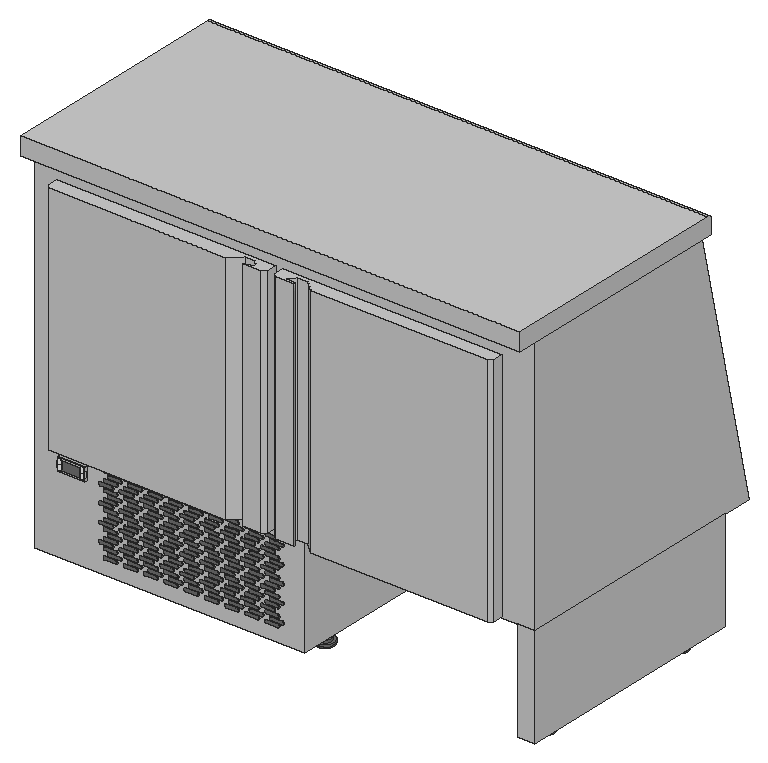
Revit family "QF_INFRICO_VC1400_250815094036", category Specialty Equipment, Revit 2021
Family settings
  Round Connector Dimension = Use Diameter
  Part Type = Normal
  OmniClass Number = 23.40.40.14
  OmniClass Title = Food Service Equipment
  Work Plane-Based = No
  Always vertical = Yes
  Cut with Voids When Loaded = No
  Shared = No
  Room Calculation Point = No
Parameters (values of type "VC1400")
  Weight [instance] = 156.00 kg
  Waste Water Discharge Temperature [instance] = 0 °C
  Waste Remarks [instance] = ""
  Warranty Start Date [instance] = ""
  Warranty Duration [instance] = ""
  Volts [instance] = 230 V
  Volt Free Conn [instance] = no
  URL Recommended Spares List [instance] = ""
  URL Manufacturer [instance] = ""
  URL Cutsheet [instance] = ""
  URL Critical Spares List [instance] = ""
  URL = "www.infrico.com"
  Technical Documentation [instance] = ""
  Tag Number [instance] = ""
  Status [instance] = ""
  Start Up Current [instance] = 0 A
  Specification by User [instance] = ""
  Specification by Manufacturer [instance] = ""
  Sound Level [instance] = ""
  Show Logo [instance] = yes
  Show Clearances [instance] = yes
  Service Life Duration [instance] = ""
  Serial Number [instance] = ""
  Seismic Rating [instance] = ""
  SMACNA No [instance] = ""
  Revision Code [instance] = ""
  Revision [instance] = ""
  Production Year [instance] = ""
  Potential Equalisation [instance] = no
  Point Load [instance] = 0
  Plumbing Connection Type [instance] = ""
  Phase [instance] = 1
  Other Equipment Approvals [instance] = ""
  Operational Current [instance] = 0 A
  Number of Poles [instance] = 2
  No Load Power Draw [instance] = no
  NAFEM Spec ID Number [instance] = ""
  Model Warning [instance] = ""
  Model = "VC1400"
  Min Ckt Ampacity [instance] = 0 A
  Max Overcurrent Protection [instance] = 0 A
  Masterspec [instance] = ""
  Manufacturer = "INFRICO"
  Main switch integrated [instance] = no
  Length Actual [instance] = 1384 mm
  Item Number [instance] = ""
  Installed By [instance] = ""
  Installation Date [instance] = ""
  Indirect Waste Size [instance] = 19.05 mm
  Indirect Waste Remarks [instance] = ""
  Indirect Waste Flow [instance] = 0.0 L/s
  Indirect Waste Connection Type [instance] = ""
  Indirect Waste Connection Height [instance] = 0 mm
  Identify Quantity as Lot [instance] = no
  ID [instance] = ""
  Hygiene Approval [instance] = ""
  Height Actual [instance] = 1060 mm
  HP power [instance] = ""
  Furnished By [instance] = ""
  Foodservice Equipment Identifier [instance] = no
  FL Amps [instance] = 0 A
  Electrical Remarks [instance] = ""
  Electric power [instance] = 600 W
  Electric Connection Type [instance] = ""
  Elec Conn RI Height [instance] = 0 mm
  Elec Conn Connection Height [instance] = 0 mm
  ETL Approved [instance] = no
  Direct Waste Water Discharge Temperature [instance] = -273.15 °C
  Direct Waste Size [instance] = 19.05 mm
  Direct Waste RI Height [instance] = 0 mm
  Direct Waste Flow [instance] = 0.0 L/s
  Direct Waste Connection Height [instance] = 0 mm
  Description = "3/4 VISION COUNTER CASE - TWO DOORS - R134A"
  Depth Actual [instance] = 800 mm
  Default Elevation = 0 mm
  Cycle [instance] = 50 Hz
  Cost = 0
  Connection to energy optimisation system [instance] = yes
  Conn Plug [instance] = ""
  Conn Conduit [instance] = no
  Centralized building control system with digital interface [instance] = ""
  CSI MasterFormat [instance] = ""
  CE Approved [instance] = no
  Barcode [instance] = 0
  Author [instance] = ""
  Asset Identifier [instance] = ""
  Apparent Power [instance] = 600 VA
  Accessory [instance] = no
Reference planes
  plane 1 "Center (Front/Back)": y = 0
  plane 2: z = 0
  plane 3 "Center (Left/Right)": x = 0
Forms (mm)
  Extrusion 1, solid, not visible
    sketch origin (1236.56, -700.034, 298.015) x (1, 0, 0) y (0, 1, 0)
      loop
        line (-2, 2) -> (-2, -2) -> (2, -2) -> (2, 2) -> (-2, 2)
    from -2 to 2
  Extrusion 2, solid, not visible
    sketch origin (105.005, -742.036, 55.003) x (1, 0, 0) y (0, 1, 0)
      loop
        line (-2, 2) -> (-2, -2) -> (2, -2) -> (2, 2) -> (-2, 2)
    from -2 to 2
Dimensions and locks
  locked: nested 2 to Extrusion 1 at 2  (x2)
  locked: nested 3 to Extrusion 2 at 4
  locked: nested 3 to Extrusion 2 at 2
  aligned and locked: level to plane 2
Nested families
  nested 1: "QF_INFRICO_VC1400_2920" at (0, 0, 0), type "VC1400"
    with Weight 156.00 kg, Warranty Start Date "", Warranty Duration "", URL Cutsheet "", Technical Documentation "", Tag Number "", Status "", Specification by User "", Specification by Manufacturer "", Sound Level "", Solid Fuel Type "", Show Logo yes, Show Clearances yes, Show Clearance yes, Service Life Duration "", Serial Number "", Seismic Rating "", SMACNA No "", Revision Code "", Revision "", Production Year "", Point Load 0, Other Equipment Approvals "", NAFEM Spec ID Number "", Model Warning "", Masterspec "", Length Actual 1384 mm, Item Number "", Installed By "", Installation Date "", Identify Quantity as Lot yes, ID "", Hygiene Approval "", Height Actual 1060 mm, Furnished By "", Foodservice Equipment Identifier yes, Finish none, ETL Approved yes, Depth Actual 800 mm, CSI MasterFormat "", CE Approved no, Barcode "", Author "", Asset Identifier "", Accessory no
  nested 2: "CONN_POINT_DRAIN_2D___Generic_Annotation" at (1236.56, -700.034, 296.014), type "CONN_POINT_DRAIN_2D___Generic_Annotation"
    with Onboard connection annotation symbol visibility yes
  nested 3: "CONN_POINT_ELE_2D___Generic_Annotation" at (105.005, -744.036, 55.003), type "CONN_POINT_ELE_2D___Generic_Annotation"
    with Onboard connection annotation symbol visibility yes
Connectors
  piping at (1236.56, -700.034, 296.014), diameter 19.05, driven by "Indirect Waste Size", driven by "Direct Waste Flow"
    settings: on Extrusion 1, index 1, connector inside diameter 609.6 mm, connector length 0 mm, flow factor 0, pipe flow 0.0 L/s, pressure drop 0.0 Pa, fitting loss kfactor 0, connector angle 0.00°, fixture units 0, engagement length 0 mm, angle of deflection 0.00°, flow configuration 1, flow direction 2, fitting loss method 0, system type 16, joint type 0, gender type 0, connector reference index -1, connector utility 0, adjustable connector no, is connector primary yes, connector description "Waste connection for VC1400"
  electrical at (105.005, -744.036, 55.003), driven by "Apparent Power", driven by "Number of Poles", driven by "Volts"
    settings: on Extrusion 2, index 2, voltage 230 V, apparent load 0 VA, apparent load phase1 600 VA, apparent load phase2 0 VA, apparent load phase3 0 VA, power factor 1, load classification "Other", number of poles 2, system type 31, power factor state 1, is connector primary yes, connector utility no, sub classification motor no, connector description "Electrical connection for VC1400"
Definition of nested family "QF_INFRICO_VC1400_2920"
  Parameters (values of type "VC1400")
    Weight [instance] = 0.00 kg
    Warranty Start Date [instance] = ""
    Warranty Duration [instance] = ""
    URL Cutsheet [instance] = ""
    URL = "www.jestic.co.uk"
    Technical Documentation [instance] = ""
    Tag Number [instance] = ""
    Status [instance] = ""
    Specification by User [instance] = ""
    Specification by Manufacturer [instance] = ""
    Sound Level [instance] = ""
    Solid Fuel Type [instance] = ""
    Show Logo [instance] = yes
    Show Clearances [instance] = yes
    Show Clearance [instance] = yes
    Service Life Duration [instance] = ""
    Serial Number [instance] = ""
    Seismic Rating [instance] = ""
    SMACNA No [instance] = ""
    Revision Code [instance] = ""
    Revision [instance] = ""
    Production Year [instance] = ""
    Point Load [instance] = 0
    Other Equipment Approvals [instance] = ""
    NAFEM Spec ID Number [instance] = ""
    Model Warning [instance] = ""
    Model = "VC1400"
    Masterspec [instance] = ""
    Manufacturer = "INFRICO"
    Length Actual [instance] = 0 mm
    Item Number [instance] = ""
    Installed By [instance] = ""
    Installation Date [instance] = ""
    Identify Quantity as Lot [instance] = yes
    ID [instance] = ""
    Hygiene Approval [instance] = ""
    Height Actual [instance] = 0 mm
    Furnished By [instance] = ""
    Foodservice Equipment Identifier [instance] = yes
    Finish [instance] = none
    ETL Approved [instance] = yes
    Description = "3/4 VISION COUNTER CASE - TWO DOORS - R134A"
    Depth Actual [instance] = 0 mm
    Default Elevation = 0 mm
    CSI MasterFormat [instance] = ""
    CE Approved [instance] = yes
    Barcode [instance] = ""
    Author [instance] = ""
    Asset Identifier [instance] = ""
    Assembly Code = "E1090320"
    Accessory [instance] = yes
  Reference planes
    plane 1 "Back": y = 0
    plane 2: z = 0
    plane 3 "Left": x = 0
    plane 4 "Right": x = 1384
    plane 5 "Front": y = -800
    plane 6 "Top": z = 1060
  Forms (mm)
    Extrusion 1, solid
      sketch origin (0, 0, 86) x (0, 1, 0) y (0, 0, 1)
        loop
          line (-744, 924) -> (-744, 210) -> (-4, 210) -> (-164.901, 924) -> (-744, 924)
      from 0 to 25
    Extrusion 2, solid
      sketch origin (1359, 0, 86) x (0, 1, 0) y (0, 0, 1)
        loop
          line (-744, 924) -> (-744, 210) -> (-4, 210) -> (-164.901, 924) -> (-744, 924)
      from 0 to 25
    Extrusion 3, solid
      sketch origin (0, 6, 90) x (0, 1, 0) y (0, 0, 1)
        loop
          line (-800, 920) -> (-140, 920) -> (-140, 960)
          arc (-140, 960) -> (-142.929, 967.071) -> (-150, 970) r 10
          line (-150, 970) -> (-800, 970) -> (-800, 920)
      from 0 to 1384
    Extrusion 4, solid
      sketch origin (0, 0, -4) x (0, 1, 0) y (0, 0, 1)
        loop
          line (-744, 300) -> (-744, 20) -> (-84, 20) -> (-84, 300) -> (-744, 300)
      from 0 to 25
    Extrusion 5, solid
      sketch origin (1359, 0, -4) x (0, 1, 0) y (0, 0, 1)
        loop
          line (-744, 300) -> (-744, 20) -> (-84, 20) -> (-84, 300) -> (-744, 300)
      from 0 to 25
    Extrusion 6, solid
      sketch origin (0, 0, 0) x (0, 1, 0) y (0, 0, 1)
        loop
          line (-94, 296) -> (-144, 296) -> (-144, 16) -> (-94, 16) -> (-94, 26) -> (-104, 36) -> (-104, 276) -> (-94, 286) -> (-94, 296)
      from 25 to 1359
    Extrusion 7, solid
      sketch origin (25, 0, 86) x (0, 1, 0) y (0, 0, 1)
        loop
          line (-744, 924) -> (-744, 210) -> (-54, 210) -> (-214.901, 924) -> (-744, 924)
      from 0 to 30
    Extrusion 8, solid
      sketch origin (1329, 0, 86) x (0, 1, 0) y (0, 0, 1)
        loop
          line (-744, 924) -> (-744, 210) -> (-54, 210) -> (-214.901, 924) -> (-744, 924)
      from 0 to 30
    Extrusion 9, solid
      sketch origin (0, -0.901, 4) x (0, 1, 0) y (0, 0, 1)
        loop
          line (-214, 1006) -> (-743.099, 1006) -> (-743.099, 964) -> (-204.535, 964) -> (-214, 1006)
      from 55 to 1329
    Extrusion 10, solid
      sketch origin (0, 0, -668) x (0, 1, 0) y (0, 0, 1)
        loop
          line (-63.465, 1006) -> (-744, 1006) -> (-744, 964) -> (-54, 964) -> (-63.465, 1006)
      from 55 to 1329
    Extrusion 11, solid
      sketch origin (0, 25.281, 103.397) x (1, 0, 0) y (0, -0.219839, 0.975536)
        loop
          line (44, 908.837) -> (44, 238.837) -> (1340, 238.837) -> (1340, 908.837) -> (44, 908.837)
        loop
          line (92, 860.837) -> (92, 286.837) -> (1292, 286.837) -> (1292, 860.837) -> (92, 860.837)
      from 0 to 35
    Extrusion 12, solid
      sketch origin (0, 0, 0) x (0, 1, 0) y (0, 0, 1)
        loop
          line (-163.964, 943.174) -> (-189.328, 937.458) -> (-63.141, 377.501) -> (-37.777, 383.217) -> (-163.964, 943.174)
      from 92 to 1292
    Revolve 13, solid
      sketch origin (35, -659, 0) x (0, 1, 0) y (0, 0, 1)
        loop
          line (0, 0) -> (20, 0)
          arc (20, 0) -> (23.536, 1.464) -> (25, 5) r 5
          line (25, 5) -> (25, 10) -> (15, 10) -> (15, 15) -> (7, 15) -> (7, 16) -> (0, 16) -> (0, 0)
        axis (0, 0) -> (0, 16)
      angle from 0 to 360
    Revolve 14, solid
      sketch origin (1349, -659, 0) x (0, 1, 0) y (0, 0, 1)
        loop
          line (0, 0) -> (20, 0)
          arc (20, 0) -> (23.536, 1.464) -> (25, 5) r 5
          line (25, 5) -> (25, 10) -> (15, 10) -> (15, 15) -> (7, 15) -> (7, 16) -> (0, 16) -> (0, 0)
        axis (0, 0) -> (0, 16)
      angle from 0 to 360
    Revolve 15, solid
      sketch origin (35, -199, 0) x (0, 1, 0) y (0, 0, 1)
        loop
          line (0, 0) -> (20, 0)
          arc (20, 0) -> (23.536, 1.464) -> (25, 5) r 5
          line (25, 5) -> (25, 10) -> (15, 10) -> (15, 15) -> (7, 15) -> (7, 16) -> (0, 16) -> (0, 0)
        axis (0, 0) -> (0, 16)
      angle from 0 to 360
    Revolve 16, solid
      sketch origin (1349, -199, 0) x (0, 1, 0) y (0, 0, 1)
        loop
          line (0, 0) -> (20, 0)
          arc (20, 0) -> (23.536, 1.464) -> (25, 5) r 5
          line (25, 5) -> (25, 10) -> (15, 10) -> (15, 15) -> (7, 15) -> (7, 16) -> (0, 16) -> (0, 0)
        axis (0, 0) -> (0, 16)
      angle from 0 to 360
    Extrusion 17, solid
      sketch origin (0, 0, 0) x (1, 0, 0) y (0, 0, 1)
        loop
          line (25, 16) -> (747, 16) -> (747, 296) -> (25, 296) -> (25, 16)
      from 144 to 744
    Extrusion 18, solid
      sketch origin (702, 0, 0) x (1, 0, 0) y (0, 0, 1)
        loop
          line (637, 16) -> (657, 16) -> (657, 296) -> (637, 296) -> (637, 16)
      from 144 to 744
    Extrusion 19, solid
      sketch origin (66.5, -742.1, 0) x (1, 0, 0) y (0, 0, 1)
        loop
          arc (128, 63) -> (123.5, 58.5) -> (128, 54) r 4.5
          line (128, 54) -> (159, 54)
          arc (159, 54) -> (163.5, 58.5) -> (159, 63) r 4.5
          line (159, 63) -> (128, 63)
        loop
          arc (184, 63) -> (179.5, 58.5) -> (184, 54) r 4.5
          line (184, 54) -> (215, 54)
          arc (215, 54) -> (219.5, 58.5) -> (215, 63) r 4.5
          line (215, 63) -> (184, 63)
        loop
          arc (240, 63) -> (235.5, 58.5) -> (240, 54) r 4.5
          line (240, 54) -> (271, 54)
          arc (271, 54) -> (275.5, 58.5) -> (271, 63) r 4.5
          line (271, 63) -> (240, 63)
        loop
          arc (296, 63) -> (291.5, 58.5) -> (296, 54) r 4.5
          line (296, 54) -> (327, 54)
          arc (327, 54) -> (331.5, 58.5) -> (327, 63) r 4.5
          line (327, 63) -> (296, 63)
        loop
          arc (352, 63) -> (347.5, 58.5) -> (352, 54) r 4.5
          line (352, 54) -> (383, 54)
          arc (383, 54) -> (387.5, 58.5) -> (383, 63) r 4.5
          line (383, 63) -> (352, 63)
        loop
          arc (408, 63) -> (403.5, 58.5) -> (408, 54) r 4.5
          line (408, 54) -> (439, 54)
          arc (439, 54) -> (443.5, 58.5) -> (439, 63) r 4.5
          line (439, 63) -> (408, 63)
        loop
          arc (464, 63) -> (459.5, 58.5) -> (464, 54) r 4.5
          line (464, 54) -> (495, 54)
          arc (495, 54) -> (499.5, 58.5) -> (495, 63) r 4.5
          line (495, 63) -> (464, 63)
        loop
          arc (520, 63) -> (515.5, 58.5) -> (520, 54) r 4.5
          line (520, 54) -> (551, 54)
          arc (551, 54) -> (555.5, 58.5) -> (551, 63) r 4.5
          line (551, 63) -> (520, 63)
        loop
          arc (576, 63) -> (571.5, 58.5) -> (576, 54) r 4.5
          line (576, 54) -> (607, 54)
          arc (607, 54) -> (611.5, 58.5) -> (607, 63) r 4.5
          line (607, 63) -> (576, 63)
        loop
          arc (140, 75) -> (135.5, 70.5) -> (140, 66) r 4.5
          line (140, 66) -> (171, 66)
          arc (171, 66) -> (175.5, 70.5) -> (171, 75) r 4.5
          line (171, 75) -> (140, 75)
        loop
          arc (196, 75) -> (191.5, 70.5) -> (196, 66) r 4.5
          line (196, 66) -> (227, 66)
          arc (227, 66) -> (231.5, 70.5) -> (227, 75) r 4.5
          line (227, 75) -> (196, 75)
        loop
          arc (252, 75) -> (247.5, 70.5) -> (252, 66) r 4.5
          line (252, 66) -> (283, 66)
          arc (283, 66) -> (287.5, 70.5) -> (283, 75) r 4.5
          line (283, 75) -> (252, 75)
        loop
          arc (308, 75) -> (303.5, 70.5) -> (308, 66) r 4.5
          line (308, 66) -> (339, 66)
          arc (339, 66) -> (343.5, 70.5) -> (339, 75) r 4.5
          line (339, 75) -> (308, 75)
        loop
          arc (364, 75) -> (359.5, 70.5) -> (364, 66) r 4.5
          line (364, 66) -> (395, 66)
          arc (395, 66) -> (399.5, 70.5) -> (395, 75) r 4.5
          line (395, 75) -> (364, 75)
        loop
          arc (420, 75) -> (415.5, 70.5) -> (420, 66) r 4.5
          line (420, 66) -> (451, 66)
          arc (451, 66) -> (455.5, 70.5) -> (451, 75) r 4.5
          line (451, 75) -> (420, 75)
        loop
          arc (476, 75) -> (471.5, 70.5) -> (476, 66) r 4.5
          line (476, 66) -> (507, 66)
          arc (507, 66) -> (511.5, 70.5) -> (507, 75) r 4.5
          line (507, 75) -> (476, 75)
        loop
          arc (532, 75) -> (527.5, 70.5) -> (532, 66) r 4.5
          line (532, 66) -> (563, 66)
          arc (563, 66) -> (567.5, 70.5) -> (563, 75) r 4.5
          line (563, 75) -> (532, 75)
        loop
          arc (588, 75) -> (583.5, 70.5) -> (588, 66) r 4.5
          line (588, 66) -> (619, 66)
          arc (619, 66) -> (623.5, 70.5) -> (619, 75) r 4.5
          line (619, 75) -> (588, 75)
        loop
          arc (128, 87) -> (123.5, 82.5) -> (128, 78) r 4.5
          line (128, 78) -> (159, 78)
          arc (159, 78) -> (163.5, 82.5) -> (159, 87) r 4.5
          line (159, 87) -> (128, 87)
        loop
          arc (184, 87) -> (179.5, 82.5) -> (184, 78) r 4.5
          line (184, 78) -> (215, 78)
          arc (215, 78) -> (219.5, 82.5) -> (215, 87) r 4.5
          line (215, 87) -> (184, 87)
        loop
          arc (240, 87) -> (235.5, 82.5) -> (240, 78) r 4.5
          line (240, 78) -> (271, 78)
          arc (271, 78) -> (275.5, 82.5) -> (271, 87) r 4.5
          line (271, 87) -> (240, 87)
        loop
          arc (296, 87) -> (291.5, 82.5) -> (296, 78) r 4.5
          line (296, 78) -> (327, 78)
          arc (327, 78) -> (331.5, 82.5) -> (327, 87) r 4.5
          line (327, 87) -> (296, 87)
        loop
          arc (352, 87) -> (347.5, 82.5) -> (352, 78) r 4.5
          line (352, 78) -> (383, 78)
          arc (383, 78) -> (387.5, 82.5) -> (383, 87) r 4.5
          line (383, 87) -> (352, 87)
        loop
          arc (408, 87) -> (403.5, 82.5) -> (408, 78) r 4.5
          line (408, 78) -> (439, 78)
          arc (439, 78) -> (443.5, 82.5) -> (439, 87) r 4.5
          line (439, 87) -> (408, 87)
        loop
          arc (464, 87) -> (459.5, 82.5) -> (464, 78) r 4.5
          line (464, 78) -> (495, 78)
          arc (495, 78) -> (499.5, 82.5) -> (495, 87) r 4.5
          line (495, 87) -> (464, 87)
        loop
          arc (520, 87) -> (515.5, 82.5) -> (520, 78) r 4.5
          line (520, 78) -> (551, 78)
          arc (551, 78) -> (555.5, 82.5) -> (551, 87) r 4.5
          line (551, 87) -> (520, 87)
        loop
          arc (576, 87) -> (571.5, 82.5) -> (576, 78) r 4.5
          line (576, 78) -> (607, 78)
          arc (607, 78) -> (611.5, 82.5) -> (607, 87) r 4.5
          line (607, 87) -> (576, 87)
        loop
          arc (116, 99) -> (111.5, 94.5) -> (116, 90) r 4.5
          line (116, 90) -> (147, 90)
          arc (147, 90) -> (151.5, 94.5) -> (147, 99) r 4.5
          line (147, 99) -> (116, 99)
        loop
          arc (172, 99) -> (167.5, 94.5) -> (172, 90) r 4.5
          line (172, 90) -> (203, 90)
          arc (203, 90) -> (207.5, 94.5) -> (203, 99) r 4.5
          line (203, 99) -> (172, 99)
        loop
          arc (228, 99) -> (223.5, 94.5) -> (228, 90) r 4.5
          line (228, 90) -> (259, 90)
          arc (259, 90) -> (263.5, 94.5) -> (259, 99) r 4.5
          line (259, 99) -> (228, 99)
        loop
          arc (284, 99) -> (279.5, 94.5) -> (284, 90) r 4.5
          line (284, 90) -> (315, 90)
          arc (315, 90) -> (319.5, 94.5) -> (315, 99) r 4.5
          line (315, 99) -> (284, 99)
        loop
          arc (340, 99) -> (335.5, 94.5) -> (340, 90) r 4.5
          line (340, 90) -> (371, 90)
          arc (371, 90) -> (375.5, 94.5) -> (371, 99) r 4.5
          line (371, 99) -> (340, 99)
        loop
          arc (396, 99) -> (391.5, 94.5) -> (396, 90) r 4.5
          line (396, 90) -> (427, 90)
          arc (427, 90) -> (431.5, 94.5) -> (427, 99) r 4.5
          line (427, 99) -> (396, 99)
        loop
          arc (452, 99) -> (447.5, 94.5) -> (452, 90) r 4.5
          line (452, 90) -> (483, 90)
          arc (483, 90) -> (487.5, 94.5) -> (483, 99) r 4.5
          line (483, 99) -> (452, 99)
        loop
          arc (508, 99) -> (503.5, 94.5) -> (508, 90) r 4.5
          line (508, 90) -> (539, 90)
          arc (539, 90) -> (543.5, 94.5) -> (539, 99) r 4.5
          line (539, 99) -> (508, 99)
        loop
          arc (564, 99) -> (559.5, 94.5) -> (564, 90) r 4.5
          line (564, 90) -> (595, 90)
          arc (595, 90) -> (599.5, 94.5) -> (595, 99) r 4.5
          line (595, 99) -> (564, 99)
        loop
          arc (128, 111) -> (123.5, 106.5) -> (128, 102) r 4.5
          line (128, 102) -> (159, 102)
          arc (159, 102) -> (163.5, 106.5) -> (159, 111) r 4.5
          line (159, 111) -> (128, 111)
        loop
          arc (184, 111) -> (179.5, 106.5) -> (184, 102) r 4.5
          line (184, 102) -> (215, 102)
          arc (215, 102) -> (219.5, 106.5) -> (215, 111) r 4.5
          line (215, 111) -> (184, 111)
        loop
          arc (240, 111) -> (235.5, 106.5) -> (240, 102) r 4.5
          line (240, 102) -> (271, 102)
          arc (271, 102) -> (275.5, 106.5) -> (271, 111) r 4.5
          line (271, 111) -> (240, 111)
        loop
          arc (296, 111) -> (291.5, 106.5) -> (296, 102) r 4.5
          line (296, 102) -> (327, 102)
          arc (327, 102) -> (331.5, 106.5) -> (327, 111) r 4.5
          line (327, 111) -> (296, 111)
        loop
          arc (352, 111) -> (347.5, 106.5) -> (352, 102) r 4.5
          line (352, 102) -> (383, 102)
          arc (383, 102) -> (387.5, 106.5) -> (383, 111) r 4.5
          line (383, 111) -> (352, 111)
        loop
          arc (408, 111) -> (403.5, 106.5) -> (408, 102) r 4.5
          line (408, 102) -> (439, 102)
          arc (439, 102) -> (443.5, 106.5) -> (439, 111) r 4.5
          line (439, 111) -> (408, 111)
        loop
          arc (464, 111) -> (459.5, 106.5) -> (464, 102) r 4.5
          line (464, 102) -> (495, 102)
          arc (495, 102) -> (499.5, 106.5) -> (495, 111) r 4.5
          line (495, 111) -> (464, 111)
        loop
          arc (520, 111) -> (515.5, 106.5) -> (520, 102) r 4.5
          line (520, 102) -> (551, 102)
          arc (551, 102) -> (555.5, 106.5) -> (551, 111) r 4.5
          line (551, 111) -> (520, 111)
        loop
          arc (576, 111) -> (571.5, 106.5) -> (576, 102) r 4.5
          line (576, 102) -> (607, 102)
          arc (607, 102) -> (611.5, 106.5) -> (607, 111) r 4.5
          line (607, 111) -> (576, 111)
        loop
          arc (140, 123) -> (135.5, 118.5) -> (140, 114) r 4.5
          line (140, 114) -> (171, 114)
          arc (171, 114) -> (175.5, 118.5) -> (171, 123) r 4.5
          line (171, 123) -> (140, 123)
        loop
          arc (196, 123) -> (191.5, 118.5) -> (196, 114) r 4.5
          line (196, 114) -> (227, 114)
          arc (227, 114) -> (231.5, 118.5) -> (227, 123) r 4.5
          line (227, 123) -> (196, 123)
        loop
          arc (252, 123) -> (247.5, 118.5) -> (252, 114) r 4.5
          line (252, 114) -> (283, 114)
          arc (283, 114) -> (287.5, 118.5) -> (283, 123) r 4.5
          line (283, 123) -> (252, 123)
        loop
          arc (308, 123) -> (303.5, 118.5) -> (308, 114) r 4.5
          line (308, 114) -> (339, 114)
          arc (339, 114) -> (343.5, 118.5) -> (339, 123) r 4.5
          line (339, 123) -> (308, 123)
        loop
          arc (364, 123) -> (359.5, 118.5) -> (364, 114) r 4.5
          line (364, 114) -> (395, 114)
          arc (395, 114) -> (399.5, 118.5) -> (395, 123) r 4.5
          line (395, 123) -> (364, 123)
        loop
          arc (420, 123) -> (415.5, 118.5) -> (420, 114) r 4.5
          line (420, 114) -> (451, 114)
          arc (451, 114) -> (455.5, 118.5) -> (451, 123) r 4.5
          line (451, 123) -> (420, 123)
        loop
          arc (476, 123) -> (471.5, 118.5) -> (476, 114) r 4.5
          line (476, 114) -> (507, 114)
          arc (507, 114) -> (511.5, 118.5) -> (507, 123) r 4.5
          line (507, 123) -> (476, 123)
        loop
          arc (532, 123) -> (527.5, 118.5) -> (532, 114) r 4.5
          line (532, 114) -> (563, 114)
          arc (563, 114) -> (567.5, 118.5) -> (563, 123) r 4.5
          line (563, 123) -> (532, 123)
        loop
          arc (588, 123) -> (583.5, 118.5) -> (588, 114) r 4.5
          line (588, 114) -> (619, 114)
          arc (619, 114) -> (623.5, 118.5) -> (619, 123) r 4.5
          line (619, 123) -> (588, 123)
        loop
          arc (128, 135) -> (123.5, 130.5) -> (128, 126) r 4.5
          line (128, 126) -> (159, 126)
          arc (159, 126) -> (163.5, 130.5) -> (159, 135) r 4.5
          line (159, 135) -> (128, 135)
        loop
          arc (184, 135) -> (179.5, 130.5) -> (184, 126) r 4.5
          line (184, 126) -> (215, 126)
          arc (215, 126) -> (219.5, 130.5) -> (215, 135) r 4.5
          line (215, 135) -> (184, 135)
        loop
          arc (240, 135) -> (235.5, 130.5) -> (240, 126) r 4.5
          line (240, 126) -> (271, 126)
          arc (271, 126) -> (275.5, 130.5) -> (271, 135) r 4.5
          line (271, 135) -> (240, 135)
        loop
          arc (296, 135) -> (291.5, 130.5) -> (296, 126) r 4.5
          line (296, 126) -> (327, 126)
          arc (327, 126) -> (331.5, 130.5) -> (327, 135) r 4.5
          line (327, 135) -> (296, 135)
        loop
          arc (352, 135) -> (347.5, 130.5) -> (352, 126) r 4.5
          line (352, 126) -> (383, 126)
          arc (383, 126) -> (387.5, 130.5) -> (383, 135) r 4.5
          line (383, 135) -> (352, 135)
        loop
          arc (408, 135) -> (403.5, 130.5) -> (408, 126) r 4.5
          line (408, 126) -> (439, 126)
          arc (439, 126) -> (443.5, 130.5) -> (439, 135) r 4.5
          line (439, 135) -> (408, 135)
        loop
          arc (464, 135) -> (459.5, 130.5) -> (464, 126) r 4.5
          line (464, 126) -> (495, 126)
          arc (495, 126) -> (499.5, 130.5) -> (495, 135) r 4.5
          line (495, 135) -> (464, 135)
        loop
          arc (520, 135) -> (515.5, 130.5) -> (520, 126) r 4.5
          line (520, 126) -> (551, 126)
          arc (551, 126) -> (555.5, 130.5) -> (551, 135) r 4.5
          line (551, 135) -> (520, 135)
        loop
          arc (576, 135) -> (571.5, 130.5) -> (576, 126) r 4.5
          line (576, 126) -> (607, 126)
          arc (607, 126) -> (611.5, 130.5) -> (607, 135) r 4.5
          line (607, 135) -> (576, 135)
        loop
          arc (116, 147) -> (111.5, 142.5) -> (116, 138) r 4.5
          line (116, 138) -> (147, 138)
          arc (147, 138) -> (151.5, 142.5) -> (147, 147) r 4.5
          line (147, 147) -> (116, 147)
        loop
          arc (172, 147) -> (167.5, 142.5) -> (172, 138) r 4.5
          line (172, 138) -> (203, 138)
          arc (203, 138) -> (207.5, 142.5) -> (203, 147) r 4.5
          line (203, 147) -> (172, 147)
        loop
          arc (228, 147) -> (223.5, 142.5) -> (228, 138) r 4.5
          line (228, 138) -> (259, 138)
          arc (259, 138) -> (263.5, 142.5) -> (259, 147) r 4.5
          line (259, 147) -> (228, 147)
        loop
          arc (284, 147) -> (279.5, 142.5) -> (284, 138) r 4.5
          line (284, 138) -> (315, 138)
          arc (315, 138) -> (319.5, 142.5) -> (315, 147) r 4.5
          line (315, 147) -> (284, 147)
        loop
          arc (340, 147) -> (335.5, 142.5) -> (340, 138) r 4.5
          line (340, 138) -> (371, 138)
          arc (371, 138) -> (375.5, 142.5) -> (371, 147) r 4.5
          line (371, 147) -> (340, 147)
        loop
          arc (396, 147) -> (391.5, 142.5) -> (396, 138) r 4.5
          line (396, 138) -> (427, 138)
          arc (427, 138) -> (431.5, 142.5) -> (427, 147) r 4.5
          line (427, 147) -> (396, 147)
        loop
          arc (452, 147) -> (447.5, 142.5) -> (452, 138) r 4.5
          line (452, 138) -> (483, 138)
          arc (483, 138) -> (487.5, 142.5) -> (483, 147) r 4.5
          line (483, 147) -> (452, 147)
        loop
          arc (508, 147) -> (503.5, 142.5) -> (508, 138) r 4.5
          line (508, 138) -> (539, 138)
          arc (539, 138) -> (543.5, 142.5) -> (539, 147) r 4.5
          line (539, 147) -> (508, 147)
        loop
          arc (564, 147) -> (559.5, 142.5) -> (564, 138) r 4.5
          line (564, 138) -> (595, 138)
          arc (595, 138) -> (599.5, 142.5) -> (595, 147) r 4.5
          line (595, 147) -> (564, 147)
        loop
          arc (128, 159) -> (123.5, 154.5) -> (128, 150) r 4.5
          line (128, 150) -> (159, 150)
          arc (159, 150) -> (163.5, 154.5) -> (159, 159) r 4.5
          line (159, 159) -> (128, 159)
        loop
          arc (184, 159) -> (179.5, 154.5) -> (184, 150) r 4.5
          line (184, 150) -> (215, 150)
          arc (215, 150) -> (219.5, 154.5) -> (215, 159) r 4.5
          line (215, 159) -> (184, 159)
        loop
          arc (240, 159) -> (235.5, 154.5) -> (240, 150) r 4.5
          line (240, 150) -> (271, 150)
          arc (271, 150) -> (275.5, 154.5) -> (271, 159) r 4.5
          line (271, 159) -> (240, 159)
        loop
          arc (296, 159) -> (291.5, 154.5) -> (296, 150) r 4.5
          line (296, 150) -> (327, 150)
          arc (327, 150) -> (331.5, 154.5) -> (327, 159) r 4.5
          line (327, 159) -> (296, 159)
        loop
          arc (352, 159) -> (347.5, 154.5) -> (352, 150) r 4.5
          line (352, 150) -> (383, 150)
          arc (383, 150) -> (387.5, 154.5) -> (383, 159) r 4.5
          line (383, 159) -> (352, 159)
        loop
          arc (408, 159) -> (403.5, 154.5) -> (408, 150) r 4.5
          line (408, 150) -> (439, 150)
          arc (439, 150) -> (443.5, 154.5) -> (439, 159) r 4.5
          line (439, 159) -> (408, 159)
        loop
          arc (464, 159) -> (459.5, 154.5) -> (464, 150) r 4.5
          line (464, 150) -> (495, 150)
          arc (495, 150) -> (499.5, 154.5) -> (495, 159) r 4.5
          line (495, 159) -> (464, 159)
        loop
          arc (520, 159) -> (515.5, 154.5) -> (520, 150) r 4.5
          line (520, 150) -> (551, 150)
          arc (551, 150) -> (555.5, 154.5) -> (551, 159) r 4.5
          line (551, 159) -> (520, 159)
        loop
          arc (576, 159) -> (571.5, 154.5) -> (576, 150) r 4.5
          line (576, 150) -> (607, 150)
          arc (607, 150) -> (611.5, 154.5) -> (607, 159) r 4.5
          line (607, 159) -> (576, 159)
        loop
          arc (140, 171) -> (135.5, 166.5) -> (140, 162) r 4.5
          line (140, 162) -> (171, 162)
          arc (171, 162) -> (175.5, 166.5) -> (171, 171) r 4.5
          line (171, 171) -> (140, 171)
        loop
          arc (196, 171) -> (191.5, 166.5) -> (196, 162) r 4.5
          line (196, 162) -> (227, 162)
          arc (227, 162) -> (231.5, 166.5) -> (227, 171) r 4.5
          line (227, 171) -> (196, 171)
        loop
          arc (252, 171) -> (247.5, 166.5) -> (252, 162) r 4.5
          line (252, 162) -> (283, 162)
          arc (283, 162) -> (287.5, 166.5) -> (283, 171) r 4.5
          line (283, 171) -> (252, 171)
        loop
          arc (308, 171) -> (303.5, 166.5) -> (308, 162) r 4.5
          line (308, 162) -> (339, 162)
          arc (339, 162) -> (343.5, 166.5) -> (339, 171) r 4.5
          line (339, 171) -> (308, 171)
        loop
          arc (364, 171) -> (359.5, 166.5) -> (364, 162) r 4.5
          line (364, 162) -> (395, 162)
          arc (395, 162) -> (399.5, 166.5) -> (395, 171) r 4.5
          line (395, 171) -> (364, 171)
        loop
          arc (420, 171) -> (415.5, 166.5) -> (420, 162) r 4.5
          line (420, 162) -> (451, 162)
          arc (451, 162) -> (455.5, 166.5) -> (451, 171) r 4.5
          line (451, 171) -> (420, 171)
        loop
          arc (476, 171) -> (471.5, 166.5) -> (476, 162) r 4.5
          line (476, 162) -> (507, 162)
          arc (507, 162) -> (511.5, 166.5) -> (507, 171) r 4.5
          line (507, 171) -> (476, 171)
        loop
          arc (532, 171) -> (527.5, 166.5) -> (532, 162) r 4.5
          line (532, 162) -> (563, 162)
          arc (563, 162) -> (567.5, 166.5) -> (563, 171) r 4.5
          line (563, 171) -> (532, 171)
        loop
          arc (588, 171) -> (583.5, 166.5) -> (588, 162) r 4.5
          line (588, 162) -> (619, 162)
          arc (619, 162) -> (623.5, 166.5) -> (619, 171) r 4.5
          line (619, 171) -> (588, 171)
        loop
          arc (128, 183) -> (123.5, 178.5) -> (128, 174) r 4.5
          line (128, 174) -> (159, 174)
          arc (159, 174) -> (163.5, 178.5) -> (159, 183) r 4.5
          line (159, 183) -> (128, 183)
        loop
          arc (184, 183) -> (179.5, 178.5) -> (184, 174) r 4.5
          line (184, 174) -> (215, 174)
          arc (215, 174) -> (219.5, 178.5) -> (215, 183) r 4.5
          line (215, 183) -> (184, 183)
        loop
          arc (240, 183) -> (235.5, 178.5) -> (240, 174) r 4.5
          line (240, 174) -> (271, 174)
          arc (271, 174) -> (275.5, 178.5) -> (271, 183) r 4.5
          line (271, 183) -> (240, 183)
        loop
          arc (296, 183) -> (291.5, 178.5) -> (296, 174) r 4.5
          line (296, 174) -> (327, 174)
          arc (327, 174) -> (331.5, 178.5) -> (327, 183) r 4.5
          line (327, 183) -> (296, 183)
        loop
          arc (352, 183) -> (347.5, 178.5) -> (352, 174) r 4.5
          line (352, 174) -> (383, 174)
          arc (383, 174) -> (387.5, 178.5) -> (383, 183) r 4.5
          line (383, 183) -> (352, 183)
        loop
          arc (408, 183) -> (403.5, 178.5) -> (408, 174) r 4.5
          line (408, 174) -> (439, 174)
          arc (439, 174) -> (443.5, 178.5) -> (439, 183) r 4.5
          line (439, 183) -> (408, 183)
        loop
          arc (464, 183) -> (459.5, 178.5) -> (464, 174) r 4.5
          line (464, 174) -> (495, 174)
          arc (495, 174) -> (499.5, 178.5) -> (495, 183) r 4.5
          line (495, 183) -> (464, 183)
        loop
          arc (520, 183) -> (515.5, 178.5) -> (520, 174) r 4.5
          line (520, 174) -> (551, 174)
          arc (551, 174) -> (555.5, 178.5) -> (551, 183) r 4.5
          line (551, 183) -> (520, 183)
        loop
          arc (576, 183) -> (571.5, 178.5) -> (576, 174) r 4.5
          line (576, 174) -> (607, 174)
          arc (607, 174) -> (611.5, 178.5) -> (607, 183) r 4.5
          line (607, 183) -> (576, 183)
        loop
          arc (116, 195) -> (111.5, 190.5) -> (116, 186) r 4.5
          line (116, 186) -> (147, 186)
          arc (147, 186) -> (151.5, 190.5) -> (147, 195) r 4.5
          line (147, 195) -> (116, 195)
        loop
          arc (172, 195) -> (167.5, 190.5) -> (172, 186) r 4.5
          line (172, 186) -> (203, 186)
          arc (203, 186) -> (207.5, 190.5) -> (203, 195) r 4.5
          line (203, 195) -> (172, 195)
        loop
          arc (228, 195) -> (223.5, 190.5) -> (228, 186) r 4.5
          line (228, 186) -> (259, 186)
          arc (259, 186) -> (263.5, 190.5) -> (259, 195) r 4.5
          line (259, 195) -> (228, 195)
        loop
          arc (284, 195) -> (279.5, 190.5) -> (284, 186) r 4.5
          line (284, 186) -> (315, 186)
          arc (315, 186) -> (319.5, 190.5) -> (315, 195) r 4.5
          line (315, 195) -> (284, 195)
        loop
          arc (340, 195) -> (335.5, 190.5) -> (340, 186) r 4.5
          line (340, 186) -> (371, 186)
          arc (371, 186) -> (375.5, 190.5) -> (371, 195) r 4.5
          line (371, 195) -> (340, 195)
        loop
          arc (396, 195) -> (391.5, 190.5) -> (396, 186) r 4.5
          line (396, 186) -> (427, 186)
          arc (427, 186) -> (431.5, 190.5) -> (427, 195) r 4.5
          line (427, 195) -> (396, 195)
        loop
          arc (452, 195) -> (447.5, 190.5) -> (452, 186) r 4.5
          line (452, 186) -> (483, 186)
          arc (483, 186) -> (487.5, 190.5) -> (483, 195) r 4.5
          line (483, 195) -> (452, 195)
        loop
          arc (508, 195) -> (503.5, 190.5) -> (508, 186) r 4.5
          line (508, 186) -> (539, 186)
          arc (539, 186) -> (543.5, 190.5) -> (539, 195) r 4.5
          line (539, 195) -> (508, 195)
        loop
          arc (564, 195) -> (559.5, 190.5) -> (564, 186) r 4.5
          line (564, 186) -> (595, 186)
          arc (595, 186) -> (599.5, 190.5) -> (595, 195) r 4.5
          line (595, 195) -> (564, 195)
        loop
          arc (128, 207) -> (123.5, 202.5) -> (128, 198) r 4.5
          line (128, 198) -> (159, 198)
          arc (159, 198) -> (163.5, 202.5) -> (159, 207) r 4.5
          line (159, 207) -> (128, 207)
        loop
          arc (184, 207) -> (179.5, 202.5) -> (184, 198) r 4.5
          line (184, 198) -> (215, 198)
          arc (215, 198) -> (219.5, 202.5) -> (215, 207) r 4.5
          line (215, 207) -> (184, 207)
        loop
          arc (240, 207) -> (235.5, 202.5) -> (240, 198) r 4.5
          line (240, 198) -> (271, 198)
          arc (271, 198) -> (275.5, 202.5) -> (271, 207) r 4.5
          line (271, 207) -> (240, 207)
        loop
          arc (296, 207) -> (291.5, 202.5) -> (296, 198) r 4.5
          line (296, 198) -> (327, 198)
          arc (327, 198) -> (331.5, 202.5) -> (327, 207) r 4.5
          line (327, 207) -> (296, 207)
        loop
          arc (352, 207) -> (347.5, 202.5) -> (352, 198) r 4.5
          line (352, 198) -> (383, 198)
          arc (383, 198) -> (387.5, 202.5) -> (383, 207) r 4.5
          line (383, 207) -> (352, 207)
        loop
          arc (408, 207) -> (403.5, 202.5) -> (408, 198) r 4.5
          line (408, 198) -> (439, 198)
          arc (439, 198) -> (443.5, 202.5) -> (439, 207) r 4.5
          line (439, 207) -> (408, 207)
        loop
          arc (464, 207) -> (459.5, 202.5) -> (464, 198) r 4.5
          line (464, 198) -> (495, 198)
          arc (495, 198) -> (499.5, 202.5) -> (495, 207) r 4.5
          line (495, 207) -> (464, 207)
        loop
          arc (520, 207) -> (515.5, 202.5) -> (520, 198) r 4.5
          line (520, 198) -> (551, 198)
          arc (551, 198) -> (555.5, 202.5) -> (551, 207) r 4.5
          line (551, 207) -> (520, 207)
        loop
          arc (576, 207) -> (571.5, 202.5) -> (576, 198) r 4.5
          line (576, 198) -> (607, 198)
          arc (607, 198) -> (611.5, 202.5) -> (607, 207) r 4.5
          line (607, 207) -> (576, 207)
        loop
          arc (140, 219) -> (135.5, 214.5) -> (140, 210) r 4.5
          line (140, 210) -> (171, 210)
          arc (171, 210) -> (175.5, 214.5) -> (171, 219) r 4.5
          line (171, 219) -> (140, 219)
        loop
          arc (196, 219) -> (191.5, 214.5) -> (196, 210) r 4.5
          line (196, 210) -> (227, 210)
          arc (227, 210) -> (231.5, 214.5) -> (227, 219) r 4.5
          line (227, 219) -> (196, 219)
        loop
          arc (252, 219) -> (247.5, 214.5) -> (252, 210) r 4.5
          line (252, 210) -> (283, 210)
          arc (283, 210) -> (287.5, 214.5) -> (283, 219) r 4.5
          line (283, 219) -> (252, 219)
        loop
          arc (308, 219) -> (303.5, 214.5) -> (308, 210) r 4.5
          line (308, 210) -> (339, 210)
          arc (339, 210) -> (343.5, 214.5) -> (339, 219) r 4.5
          line (339, 219) -> (308, 219)
        loop
          arc (364, 219) -> (359.5, 214.5) -> (364, 210) r 4.5
          line (364, 210) -> (395, 210)
          arc (395, 210) -> (399.5, 214.5) -> (395, 219) r 4.5
          line (395, 219) -> (364, 219)
        loop
          arc (420, 219) -> (415.5, 214.5) -> (420, 210) r 4.5
          line (420, 210) -> (451, 210)
          arc (451, 210) -> (455.5, 214.5) -> (451, 219) r 4.5
          line (451, 219) -> (420, 219)
        loop
          arc (476, 219) -> (471.5, 214.5) -> (476, 210) r 4.5
          line (476, 210) -> (507, 210)
          arc (507, 210) -> (511.5, 214.5) -> (507, 219) r 4.5
          line (507, 219) -> (476, 219)
        loop
          arc (532, 219) -> (527.5, 214.5) -> (532, 210) r 4.5
          line (532, 210) -> (563, 210)
          arc (563, 210) -> (567.5, 214.5) -> (563, 219) r 4.5
          line (563, 219) -> (532, 219)
        loop
          arc (588, 219) -> (583.5, 214.5) -> (588, 210) r 4.5
          line (588, 210) -> (619, 210)
          arc (619, 210) -> (623.5, 214.5) -> (619, 219) r 4.5
          line (619, 219) -> (588, 219)
        loop
          arc (128, 231) -> (123.5, 226.5) -> (128, 222) r 4.5
          line (128, 222) -> (159, 222)
          arc (159, 222) -> (163.5, 226.5) -> (159, 231) r 4.5
          line (159, 231) -> (128, 231)
        loop
          arc (184, 231) -> (179.5, 226.5) -> (184, 222) r 4.5
          line (184, 222) -> (215, 222)
          arc (215, 222) -> (219.5, 226.5) -> (215, 231) r 4.5
          line (215, 231) -> (184, 231)
        loop
          arc (240, 231) -> (235.5, 226.5) -> (240, 222) r 4.5
          line (240, 222) -> (271, 222)
          arc (271, 222) -> (275.5, 226.5) -> (271, 231) r 4.5
          line (271, 231) -> (240, 231)
        loop
          arc (296, 231) -> (291.5, 226.5) -> (296, 222) r 4.5
          line (296, 222) -> (327, 222)
          arc (327, 222) -> (331.5, 226.5) -> (327, 231) r 4.5
          line (327, 231) -> (296, 231)
        loop
          arc (352, 231) -> (347.5, 226.5) -> (352, 222) r 4.5
          line (352, 222) -> (383, 222)
          arc (383, 222) -> (387.5, 226.5) -> (383, 231) r 4.5
          line (383, 231) -> (352, 231)
        loop
          arc (408, 231) -> (403.5, 226.5) -> (408, 222) r 4.5
          line (408, 222) -> (439, 222)
          arc (439, 222) -> (443.5, 226.5) -> (439, 231) r 4.5
          line (439, 231) -> (408, 231)
        loop
          arc (464, 231) -> (459.5, 226.5) -> (464, 222) r 4.5
          line (464, 222) -> (495, 222)
          arc (495, 222) -> (499.5, 226.5) -> (495, 231) r 4.5
          line (495, 231) -> (464, 231)
        loop
          arc (520, 231) -> (515.5, 226.5) -> (520, 222) r 4.5
          line (520, 222) -> (551, 222)
          arc (551, 222) -> (555.5, 226.5) -> (551, 231) r 4.5
          line (551, 231) -> (520, 231)
        loop
          arc (576, 231) -> (571.5, 226.5) -> (576, 222) r 4.5
          line (576, 222) -> (607, 222)
          arc (607, 222) -> (611.5, 226.5) -> (607, 231) r 4.5
          line (607, 231) -> (576, 231)
        loop
          arc (116, 243) -> (111.5, 238.5) -> (116, 234) r 4.5
          line (116, 234) -> (147, 234)
          arc (147, 234) -> (151.5, 238.5) -> (147, 243) r 4.5
          line (147, 243) -> (116, 243)
        loop
          arc (172, 243) -> (167.5, 238.5) -> (172, 234) r 4.5
          line (172, 234) -> (203, 234)
          arc (203, 234) -> (207.5, 238.5) -> (203, 243) r 4.5
          line (203, 243) -> (172, 243)
        loop
          arc (228, 243) -> (223.5, 238.5) -> (228, 234) r 4.5
          line (228, 234) -> (259, 234)
          arc (259, 234) -> (263.5, 238.5) -> (259, 243) r 4.5
          line (259, 243) -> (228, 243)
        loop
          arc (284, 243) -> (279.5, 238.5) -> (284, 234) r 4.5
          line (284, 234) -> (315, 234)
          arc (315, 234) -> (319.5, 238.5) -> (315, 243) r 4.5
          line (315, 243) -> (284, 243)
        loop
          arc (340, 243) -> (335.5, 238.5) -> (340, 234) r 4.5
          line (340, 234) -> (371, 234)
          arc (371, 234) -> (375.5, 238.5) -> (371, 243) r 4.5
          line (371, 243) -> (340, 243)
        loop
          arc (396, 243) -> (391.5, 238.5) -> (396, 234) r 4.5
          line (396, 234) -> (427, 234)
          arc (427, 234) -> (431.5, 238.5) -> (427, 243) r 4.5
          line (427, 243) -> (396, 243)
        loop
          arc (452, 243) -> (447.5, 238.5) -> (452, 234) r 4.5
          line (452, 234) -> (483, 234)
          arc (483, 234) -> (487.5, 238.5) -> (483, 243) r 4.5
          line (483, 243) -> (452, 243)
        loop
          arc (508, 243) -> (503.5, 238.5) -> (508, 234) r 4.5
          line (508, 234) -> (539, 234)
          arc (539, 234) -> (543.5, 238.5) -> (539, 243) r 4.5
          line (539, 243) -> (508, 243)
        loop
          arc (564, 243) -> (559.5, 238.5) -> (564, 234) r 4.5
          line (564, 234) -> (595, 234)
          arc (595, 234) -> (599.5, 238.5) -> (595, 243) r 4.5
          line (595, 243) -> (564, 243)
        loop
          arc (128, 255) -> (123.5, 250.5) -> (128, 246) r 4.5
          line (128, 246) -> (159, 246)
          arc (159, 246) -> (163.5, 250.5) -> (159, 255) r 4.5
          line (159, 255) -> (128, 255)
        loop
          arc (184, 255) -> (179.5, 250.5) -> (184, 246) r 4.5
          line (184, 246) -> (215, 246)
          arc (215, 246) -> (219.5, 250.5) -> (215, 255) r 4.5
          line (215, 255) -> (184, 255)
        loop
          arc (240, 255) -> (235.5, 250.5) -> (240, 246) r 4.5
          line (240, 246) -> (271, 246)
          arc (271, 246) -> (275.5, 250.5) -> (271, 255) r 4.5
          line (271, 255) -> (240, 255)
        loop
          arc (296, 255) -> (291.5, 250.5) -> (296, 246) r 4.5
          line (296, 246) -> (327, 246)
          arc (327, 246) -> (331.5, 250.5) -> (327, 255) r 4.5
          line (327, 255) -> (296, 255)
        loop
          arc (352, 255) -> (347.5, 250.5) -> (352, 246) r 4.5
          line (352, 246) -> (383, 246)
          arc (383, 246) -> (387.5, 250.5) -> (383, 255) r 4.5
          line (383, 255) -> (352, 255)
        loop
          arc (408, 255) -> (403.5, 250.5) -> (408, 246) r 4.5
          line (408, 246) -> (439, 246)
          arc (439, 246) -> (443.5, 250.5) -> (439, 255) r 4.5
          line (439, 255) -> (408, 255)
        loop
          arc (464, 255) -> (459.5, 250.5) -> (464, 246) r 4.5
          line (464, 246) -> (495, 246)
          arc (495, 246) -> (499.5, 250.5) -> (495, 255) r 4.5
          line (495, 255) -> (464, 255)
        loop
          arc (520, 255) -> (515.5, 250.5) -> (520, 246) r 4.5
          line (520, 246) -> (551, 246)
          arc (551, 246) -> (555.5, 250.5) -> (551, 255) r 4.5
          line (551, 255) -> (520, 255)
        loop
          arc (576, 255) -> (571.5, 250.5) -> (576, 246) r 4.5
          line (576, 246) -> (607, 246)
          arc (607, 246) -> (611.5, 250.5) -> (607, 255) r 4.5
          line (607, 255) -> (576, 255)
        loop
          arc (140, 267) -> (135.5, 262.5) -> (140, 258) r 4.5
          line (140, 258) -> (171, 258)
          arc (171, 258) -> (175.5, 262.5) -> (171, 267) r 4.5
          line (171, 267) -> (140, 267)
        loop
          arc (196, 267) -> (191.5, 262.5) -> (196, 258) r 4.5
          line (196, 258) -> (227, 258)
          arc (227, 258) -> (231.5, 262.5) -> (227, 267) r 4.5
          line (227, 267) -> (196, 267)
        loop
          arc (252, 267) -> (247.5, 262.5) -> (252, 258) r 4.5
          line (252, 258) -> (283, 258)
          arc (283, 258) -> (287.5, 262.5) -> (283, 267) r 4.5
          line (283, 267) -> (252, 267)
        loop
          arc (308, 267) -> (303.5, 262.5) -> (308, 258) r 4.5
          line (308, 258) -> (339, 258)
          arc (339, 258) -> (343.5, 262.5) -> (339, 267) r 4.5
          line (339, 267) -> (308, 267)
        loop
          arc (364, 267) -> (359.5, 262.5) -> (364, 258) r 4.5
          line (364, 258) -> (395, 258)
          arc (395, 258) -> (399.5, 262.5) -> (395, 267) r 4.5
          line (395, 267) -> (364, 267)
        loop
          arc (420, 267) -> (415.5, 262.5) -> (420, 258) r 4.5
          line (420, 258) -> (451, 258)
          arc (451, 258) -> (455.5, 262.5) -> (451, 267) r 4.5
          line (451, 267) -> (420, 267)
        loop
          arc (476, 267) -> (471.5, 262.5) -> (476, 258) r 4.5
          line (476, 258) -> (507, 258)
          arc (507, 258) -> (511.5, 262.5) -> (507, 267) r 4.5
          line (507, 267) -> (476, 267)
        loop
          arc (532, 267) -> (527.5, 262.5) -> (532, 258) r 4.5
          line (532, 258) -> (563, 258)
          arc (563, 258) -> (567.5, 262.5) -> (563, 267) r 4.5
          line (563, 267) -> (532, 267)
        loop
          arc (588, 267) -> (583.5, 262.5) -> (588, 258) r 4.5
          line (588, 258) -> (619, 258)
          arc (619, 258) -> (623.5, 262.5) -> (619, 267) r 4.5
          line (619, 267) -> (588, 267)
        loop
          arc (128, 279) -> (123.5, 274.5) -> (128, 270) r 4.5
          line (128, 270) -> (159, 270)
          arc (159, 270) -> (163.5, 274.5) -> (159, 279) r 4.5
          line (159, 279) -> (128, 279)
        loop
          arc (184, 279) -> (179.5, 274.5) -> (184, 270) r 4.5
          line (184, 270) -> (215, 270)
          arc (215, 270) -> (219.5, 274.5) -> (215, 279) r 4.5
          line (215, 279) -> (184, 279)
        loop
          arc (240, 279) -> (235.5, 274.5) -> (240, 270) r 4.5
          line (240, 270) -> (271, 270)
          arc (271, 270) -> (275.5, 274.5) -> (271, 279) r 4.5
          line (271, 279) -> (240, 279)
        loop
          arc (296, 279) -> (291.5, 274.5) -> (296, 270) r 4.5
          line (296, 270) -> (327, 270)
          arc (327, 270) -> (331.5, 274.5) -> (327, 279) r 4.5
          line (327, 279) -> (296, 279)
        loop
          arc (352, 279) -> (347.5, 274.5) -> (352, 270) r 4.5
          line (352, 270) -> (383, 270)
          arc (383, 270) -> (387.5, 274.5) -> (383, 279) r 4.5
          line (383, 279) -> (352, 279)
        loop
          arc (408, 279) -> (403.5, 274.5) -> (408, 270) r 4.5
          line (408, 270) -> (439, 270)
          arc (439, 270) -> (443.5, 274.5) -> (439, 279) r 4.5
          line (439, 279) -> (408, 279)
        loop
          arc (464, 279) -> (459.5, 274.5) -> (464, 270) r 4.5
          line (464, 270) -> (495, 270)
          arc (495, 270) -> (499.5, 274.5) -> (495, 279) r 4.5
          line (495, 279) -> (464, 279)
        loop
          arc (520, 279) -> (515.5, 274.5) -> (520, 270) r 4.5
          line (520, 270) -> (551, 270)
          arc (551, 270) -> (555.5, 274.5) -> (551, 279) r 4.5
          line (551, 279) -> (520, 279)
        loop
          arc (576, 279) -> (571.5, 274.5) -> (576, 270) r 4.5
          line (576, 270) -> (607, 270)
          arc (607, 270) -> (611.5, 274.5) -> (607, 279) r 4.5
          line (607, 279) -> (576, 279)
      from 0 to 2
    Extrusion 20, solid
      sketch origin (-1132.261, -744, -368.555) x (1, 0, 0) y (0, 0, 1)
        loop
          arc (1199.261, 600.555) -> (1237.261, 599.555) -> (1275.261, 600.555) r 722.5
          arc (1275.261, 600.555) -> (1276.261, 617.555) -> (1275.261, 634.555) r 145
          arc (1275.261, 634.555) -> (1237.261, 635.555) -> (1199.261, 634.555) r 722.5
          arc (1199.261, 634.555) -> (1198.261, 617.555) -> (1199.261, 600.555) r 145
      from 0 to 5
    Extrusion 21, solid
      sketch origin (-1132.261, -747.1, -368.555) x (1, 0, 0) y (0, 0, 1)
        loop
          line (1212.261, 629.555) -> (1212.261, 605.555) -> (1262.261, 605.555) -> (1262.261, 629.555) -> (1212.261, 629.555)
      from 0 to 2
    Extrusion 22, solid
      sketch origin (-969.459, -747.1, -421.921) x (1, 0, 0) y (0, 0, 1)
        loop
          line (1047.459, 659.25) -> (1047.459, 671.75) -> (1038.459, 671.75) -> (1038.459, 657.75) -> (1045.959, 657.75)
          arc (1045.959, 657.75) -> (1047.019, 658.189) -> (1047.459, 659.25) r 1.5
      from 0 to 2
    Extrusion 23, solid
      sketch origin (-969.459, -747.1, 922.079) x (1, 0, 0) y (0, 0, 1)
        loop
          arc (1047.459, -659.25) -> (1047.019, -658.189) -> (1045.959, -657.75) r 1.5
          line (1045.959, -657.75) -> (1038.459, -657.75) -> (1038.459, -671.75) -> (1047.459, -671.75) -> (1047.459, -659.25)
      from 0 to 2
    Extrusion 24, solid
      sketch origin (1179.459, -747.1, -421.921) x (-1, 0, 0) y (0, 0, -1)
        loop
          arc (1047.459, -659.25) -> (1047.019, -658.189) -> (1045.959, -657.75) r 1.5
          line (1045.959, -657.75) -> (1038.459, -657.75) -> (1038.459, -671.75) -> (1047.459, -671.75) -> (1047.459, -659.25)
      from 0 to 2
    Extrusion 25, solid
      sketch origin (1179.459, -747.1, 922.079) x (-1, 0, 0) y (0, 0, -1)
        loop
          line (1047.459, 659.25) -> (1047.459, 671.75) -> (1038.459, 671.75) -> (1038.459, 657.75) -> (1045.959, 657.75)
          arc (1045.959, 657.75) -> (1047.019, 658.189) -> (1047.459, 659.25) r 1.5
      from 0 to 2
    Revolve 26, solid
      sketch origin (737, -659, 0) x (0, 1, 0) y (0, 0, -1)
        loop
          line (0, 0) -> (0, -16) -> (7, -16) -> (7, -15) -> (15, -15) -> (15, -10) -> (25, -10) -> (25, -5)
          arc (25, -5) -> (23.536, -1.464) -> (20, 0) r 5
          line (20, 0) -> (0, 0)
        axis (0, 0) -> (0, -16)
      angle from 0 to 360
    Revolve 27, solid
      sketch origin (737, -199, 0) x (0, 1, 0) y (0, 0, -1)
        loop
          line (0, 0) -> (0, -16) -> (7, -16) -> (7, -15) -> (15, -15) -> (15, -10) -> (25, -10) -> (25, -5)
          arc (25, -5) -> (23.536, -1.464) -> (20, 0) r 5
          line (20, 0) -> (0, 0)
        axis (0, 0) -> (0, -16)
      angle from 0 to 360
    Extrusion 28, solid
      sketch origin (112, 10, 39) x (0, 1, 0) y (0, 0, 1)
        loop
          line (-744, 702) -> (-744, 664) -> (-338, 698) -> (-334, 702) -> (-744, 702)
      from 0 to 2
    Extrusion 29, solid
      sketch origin (1269, 10, 39) x (0, 1, 0) y (0, 0, 1)
        loop
          line (-744, 702) -> (-744, 664) -> (-338, 698) -> (-334, 702) -> (-744, 702)
      from 0 to 2
    Extrusion 30, solid
      sketch origin (642, 10, 39) x (0, 1, 0) y (0, 0, 1)
        loop
          line (-744, 702) -> (-744, 664) -> (-338, 698) -> (-334, 702) -> (-744, 702)
      from 0 to 2
    Extrusion 31, solid
      sketch origin (739, 10, 39) x (0, 1, 0) y (0, 0, 1)
        loop
          line (-744, 664) -> (-338, 698) -> (-334, 702) -> (-744, 702) -> (-744, 664)
      from 0 to 2
    Extrusion 32, solid
      sketch origin (112, 10, -197) x (0, 1, 0) y (0, 0, 1)
        loop
          line (-744, 702) -> (-744, 664) -> (-338, 698) -> (-334, 702) -> (-744, 702)
      from 0 to 2
    Extrusion 33, solid
      sketch origin (1269, 10, -197) x (0, 1, 0) y (0, 0, 1)
        loop
          line (-744, 702) -> (-744, 664) -> (-338, 698) -> (-334, 702) -> (-744, 702)
      from 0 to 2
    Extrusion 34, solid
      sketch origin (642, 10, -197) x (0, 1, 0) y (0, 0, 1)
        loop
          line (-744, 702) -> (-744, 664) -> (-338, 698) -> (-334, 702) -> (-744, 702)
      from 0 to 2
    Extrusion 35, solid
      sketch origin (739, 10, -197) x (0, 1, 0) y (0, 0, 1)
        loop
          line (-744, 664) -> (-338, 698) -> (-334, 702) -> (-744, 702) -> (-744, 664)
      from 0 to 2
    Extrusion 36, solid
      sketch origin (106, 10, 0) x (0, 1, 0) y (0, 0, 1)
        loop
          line (-744, 505) -> (-331, 505)
          arc (-331, 505) -> (-328.879, 505.879) -> (-328, 508) r 3
          line (-328, 508) -> (-328, 517) -> (-330, 517) -> (-330, 510)
          arc (-330, 510) -> (-330.879, 507.879) -> (-333, 507) r 3
          line (-333, 507) -> (-744, 507) -> (-744, 505)
      from 0 to 14
    Extrusion 37, solid
      sketch origin (106, 10, 236) x (0, 1, 0) y (0, 0, 1)
        loop
          line (-744, 505) -> (-331, 505)
          arc (-331, 505) -> (-328.879, 505.879) -> (-328, 508) r 3
          line (-328, 508) -> (-328, 517) -> (-330, 517) -> (-330, 510)
          arc (-330, 510) -> (-330.879, 507.879) -> (-333, 507) r 3
          line (-333, 507) -> (-744, 507) -> (-744, 505)
      from 0 to 14
    Extrusion 38, solid
      sketch origin (636, 10, 0) x (0, 1, 0) y (0, 0, 1)
        loop
          line (-744, 505) -> (-331, 505)
          arc (-331, 505) -> (-328.879, 505.879) -> (-328, 508) r 3
          line (-328, 508) -> (-328, 517) -> (-330, 517) -> (-330, 510)
          arc (-330, 510) -> (-330.879, 507.879) -> (-333, 507) r 3
          line (-333, 507) -> (-744, 507) -> (-744, 505)
      from 0 to 14
    Extrusion 39, solid
      sketch origin (636, 10, 236) x (0, 1, 0) y (0, 0, 1)
        loop
          line (-744, 505) -> (-331, 505)
          arc (-331, 505) -> (-328.879, 505.879) -> (-328, 508) r 3
          line (-328, 508) -> (-328, 517) -> (-330, 517) -> (-330, 510)
          arc (-330, 510) -> (-330.879, 507.879) -> (-333, 507) r 3
          line (-333, 507) -> (-744, 507) -> (-744, 505)
      from 0 to 14
    Extrusion 40, solid
      sketch origin (733, 10, 0) x (0, 1, 0) y (0, 0, 1)
        loop
          line (-744, 505) -> (-331, 505)
          arc (-331, 505) -> (-328.879, 505.879) -> (-328, 508) r 3
          line (-328, 508) -> (-328, 517) -> (-330, 517) -> (-330, 510)
          arc (-330, 510) -> (-330.879, 507.879) -> (-333, 507) r 3
          line (-333, 507) -> (-744, 507) -> (-744, 505)
      from 0 to 14
    Extrusion 41, solid
      sketch origin (733, 10, 236) x (0, 1, 0) y (0, 0, 1)
        loop
          line (-744, 505) -> (-331, 505)
          arc (-331, 505) -> (-328.879, 505.879) -> (-328, 508) r 3
          line (-328, 508) -> (-328, 517) -> (-330, 517) -> (-330, 510)
          arc (-330, 510) -> (-330.879, 507.879) -> (-333, 507) r 3
          line (-333, 507) -> (-744, 507) -> (-744, 505)
      from 0 to 14
    Extrusion 42, solid
      sketch origin (1263, 10, 0) x (0, 1, 0) y (0, 0, 1)
        loop
          line (-744, 505) -> (-331, 505)
          arc (-331, 505) -> (-328.879, 505.879) -> (-328, 508) r 3
          line (-328, 508) -> (-328, 517) -> (-330, 517) -> (-330, 510)
          arc (-330, 510) -> (-330.879, 507.879) -> (-333, 507) r 3
          line (-333, 507) -> (-744, 507) -> (-744, 505)
      from 0 to 14
    Extrusion 43, solid
      sketch origin (1263, 10, 236) x (0, 1, 0) y (0, 0, 1)
        loop
          line (-744, 505) -> (-331, 505)
          arc (-331, 505) -> (-328.879, 505.879) -> (-328, 508) r 3
          line (-328, 508) -> (-328, 517) -> (-330, 517) -> (-330, 510)
          arc (-330, 510) -> (-330.879, 507.879) -> (-333, 507) r 3
          line (-333, 507) -> (-744, 507) -> (-744, 505)
      from 0 to 14
    Extrusion 44, solid
      sketch origin (0, -484, 0) x (1, 0, 0) y (0, 0, 1)
        loop
          line (65, 507) -> (691, 507) -> (691, 514) -> (65, 514) -> (65, 507)
      from -161 to 250
    Extrusion 45, solid
      sketch origin (0, -484, 236) x (1, 0, 0) y (0, 0, 1)
        loop
          line (65, 507) -> (691, 507) -> (691, 514) -> (65, 514) -> (65, 507)
      from -161 to 250
    Extrusion 46, solid
      sketch origin (627, -484, 0) x (1, 0, 0) y (0, 0, 1)
        loop
          line (65, 507) -> (691, 507) -> (691, 514) -> (65, 514) -> (65, 507)
      from -161 to 250
    Extrusion 47, solid
      sketch origin (627, -484, 236) x (1, 0, 0) y (0, 0, 1)
        loop
          line (65, 507) -> (691, 507) -> (691, 514) -> (65, 514) -> (65, 507)
      from -161 to 250
    Extrusion 48, solid
      sketch origin (-53, -358, 46) x (1, 0, 0) y (0, 0, 1)
        loop
          line (515, 964) -> (515, 849) -> (975, 849) -> (975, 964) -> (515, 964)
      from 0 to 360
    Extrusion 49, solid
      sketch origin (0, 0.5, 855) x (1, 0, 0) y (0, 1, 0)
        loop
          circle (692, -538.5) r 122
      from 0 to 40
